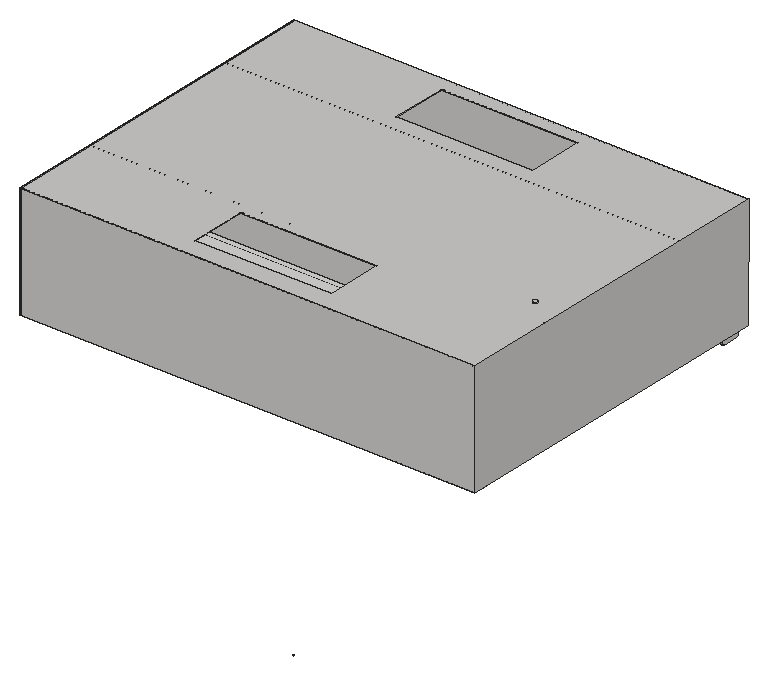
Revit family "QF_ELECTROLUXPROFESSIONAL_641259_STPF1520", category Attrezzature speciali, Revit 2021
Family settings
  Quota connettore circolare = Usa diametro
  Tipo di parte = Normale
  Basato su piano di lavoro = No
  Sempre verticale = Sì
  Taglio con vuoti quando caricato = No
  Condiviso = No
  Punto di calcolo locali = No
Parameters (values of type "Standard")
  Weight = 136.00 kg
  Watts = 160 W
  Volts = 220 V
  URL Manufacturer = "https://www.electroluxprofessional.com/"
  URL = "https://www.electroluxprofessional.com/"
  Steam Supply Size = 0 mm
  Steam Supply Minimum Pressure = 0.0 Pa
  Steam Supply Maximum Pressure = 0.0 Pa
  Steam Consumption per Hour = 0
  Refrigeration Suction Line Size = 0 mm
  Refrigeration Liquid Line Size = 0 mm
  Refrigerant Compressor Remote = yes
  Prospetto di default = 0 mm
  Produttore = "Electrolux Professional"
  Phase = 1
  Modello = "STPF1520"
  Length Actual = 2000 mm  # constant formula
  Item Number = "641259"
  Hot Water Size = 0 mm
  Height Actual = 500 mm  # constant formula
  HP = "0.2 HP"
  Gas Size = 0 mm
  Gas KW = 0
  Gas Input Pressure = 0 W
  Direct Waste Size = 0 mm
  Descrizione = "304 S/S WALL HOOD+FILTERS+LAMPS 200X150"
  Depth Actual = 1500 mm  # constant formula
  Cycle = 50 Hz
  Condensate Return Size = 0 mm
  Compressed Air Volume = 0.0 L/s
  Compressed Air Size = 0 mm
  Compressed Air Pressure = 0.0 Pa
  Cold Water Size = 0 mm
  Accessory = yes
Reference planes
  plane 1: z = 0
  plane 2 "Center (Left/Right)": x = 150
  plane 3 "LEFT": x = -850
  plane 4 "RIGHT": x = 1150
  plane 5 "BACK": y = 550
  plane 6 "TOP": z = 2500
  plane 7 "Base": z = 2000
  plane 8: z = 1955
  plane 9 "DrainY": y = 490
  plane 10: x = -847
  plane 11 "DrainX": x = 1030
  plane 12 "AOLeft2": x = 450
  plane 13: x = 1147
  plane 14: x = -650
  plane 15: x = 950
  plane 16 "Center (Front/Back)": y = -100
  plane 17 "Front": y = -950
  plane 18 "AOLeft1": x = -150
  plane 19: y = -864
  plane 20: y = -614
  plane 21: y = 240
  plane 22: y = 490
  plane 23 "EI_y": y = -470
  plane 24 "EIx": x = 1030
Forms (mm)
  Extrusion 1, solid, material "QF_Finishes_Stainless Steel"
    sketch origin (-850, 0, 360) x (0, 1, 0) y (0, 0, 1)
      loop
        line (550, 1640) -> (550, 2140) -> (-950, 2140) -> (-950, 1640) -> (550, 1640)
    from 0 to 3
  Extrusion 2, solid, material "QF_Finishes_Stainless Steel"
    sketch origin (1150, 0, 360) x (0, 1, 0) y (0, 0, 1)
      loop
        line (550, 1640) -> (550, 2140) -> (-950, 2140) -> (-950, 1640) -> (550, 1640)
    from 0 to -3
  Extrusion 3, solid, material "QF_Finishes_Stainless Steel"
    sketch origin (150, 0, 360) x (0, 1, 0) y (0, 0, 1)
      loop
        line (-950, 2140) -> (-950, 1640) -> (-940, 1640) -> (-940, 1640.8) -> (-949.2, 1640.8) -> (-949.2, 2139.19) -> (549.2, 2139.19) -> (549.2, 1640.8) -> (540, 1640.8) -> (540, 1640) -> (550, 1640) -> (550, 2140) -> (-950, 2140)
    from -1000 to 1000
  Extrusion 4, solid, material "QF_Finishes_Stainless Steel"
    sketch origin (0, 0, 2000) x (0, 1, 0) y (-1, 0, 0)
      loop
        circle (490, -1030) r 4.763
    from -30 to 0
  Extrusion 5, void
    sketch origin (0, 0, 2500) x (0, 1, 0) y (-1, 0, 0)
      loop
        line (-614, -450) -> (-614, 150) -> (-864, 150) -> (-864, -450) -> (-614, -450)
    from 0 to -10
  Extrusion 6, solid, material "QF_Finishes_Stainless Steel"
    sketch origin (0, 0, 0) x (1, 0, 0) y (0, 1, 0)
      loop
        line (-850, 550) -> (-850, 549) -> (-849, 549) -> (-849, 550) -> (-850, 550)
    from 0 to 1
  Extrusion 7, solid, material "QF_LAMPS"
    sketch origin (150, 0, 360) x (0, 1, 0) y (0, 0, 1)
      loop
        line (-572.823, 1962.324) -> (-418.948, 2086.929) -> (-427.129, 2097.032) -> (-581.003, 1972.426) -> (-572.823, 1962.324)
    from 997 to -997
  Sweep 8, solid, material "QF_Finishes_Stainless Steel"
    path origin (0, 0, 0) x (1, 0, 0) y (0, 1, 0)
      loop
        line (1150, 550) -> (-850, 550) -> (-850, -950) -> (1150, -950) -> (1150, 550)
    profile origin (1150, -200, 0) x (1, 0, 0) y (0, 0, 1)
      loop
        line (-3, 2000) -> (-3, 2000.8) -> (-19, 2000.8) -> (-19, 2010) -> (-20, 2010) -> (-20, 2000) -> (-3, 2000)
  Extrusion 9, solid, material "QF_Finishes_Stainless Steel"
    sketch origin (150, 0, 0) x (0, 1, 0) y (0, 0, 1)
      loop
        line (414.66, 2095.469) -> (440.643, 2110.471) -> (261.744, 2411.771) -> (235.948, 2396.455) -> (414.66, 2095.469)
    from -997 to -800
  Extrusion 10, solid, material "QF_Finishes_Stainless Steel"
    sketch origin (1030, 0, 0) x (0, 1, 0) y (0, 0, 1)
      loop
        line (539, 2000) -> (441, 2000) -> (441, 1989) -> (448.5, 1989) -> (448.5, 1965)
        arc (448.5, 1965) -> (451.429, 1957.929) -> (458.5, 1955) r 10
        line (458.5, 1955) -> (521.5, 1955)
        arc (521.5, 1955) -> (528.571, 1957.929) -> (531.5, 1965) r 10
        line (531.5, 1965) -> (531.5, 1989) -> (539, 1989) -> (539, 2000)
    from 90 to -90
  Extrusion 11, solid, material "QF_Finishes_Stainless Steel"
    sketch origin (150, 0, 0) x (0, 1, 0) y (0, 0, 1)
      loop
        line (414.66, 2095.469) -> (440.643, 2110.471) -> (261.744, 2411.771) -> (235.948, 2396.455) -> (414.66, 2095.469)
    from 800 to 997
  Extrusion 12, solid, material "QF_Finished_Chrome"
    sketch origin (150, 0, 0) x (0, 1, 0) y (0, 0, 1)
      loop
        line (414.66, 2095.469) -> (440.643, 2110.471) -> (261.744, 2411.771) -> (235.948, 2396.455) -> (414.66, 2095.469)
    from -800 to 800
  Extrusion 13, void
    sketch origin (0, 1180, 2500) x (0, 1, 0) y (-1, 0, 0)
      loop
        line (-690, -450) -> (-690, 150) -> (-940, 150) -> (-940, -450) -> (-690, -450)
    from 0 to -10
  Extrusion 14, solid, material "QF_Finishes_Stainless Steel"
    sketch origin (0, 0, 2500) x (0, 1, 0) y (-1, 0, 0)
      loop
        circle (-470, -1030) r 10
    from 0 to 1.6
  Extrusion 15, solid, material "QF_Finishes_Stainless Steel"
    sketch origin (150, 0, 360) x (0, 1, 0) y (0, 0, 1)
      loop
        line (430.005, 1640) -> (540, 1640) -> (540, 1640.8) -> (430.467, 1640.8) -> (371.906, 1742.23) -> (414.858, 1734.657) -> (442.266, 1750.481) -> (442.266, 1765.943) -> (441.466, 1765.943) -> (441.466, 1750.943) -> (414.709, 1735.495) -> (321.153, 1751.991) -> (320.875, 1750.416) -> (371.4, 1741.507) -> (430.005, 1640)
      loop
        line (172.529, 2139.19) -> (242.893, 2017.316) -> (245.133, 2018.715) -> (240.13, 2027.381) -> (238.569, 2026.405) -> (173.453, 2139.19) -> (172.529, 2139.19)
    from -997 to 997
  Extrusion 16, solid, material "QF_Finishes_Stainless Steel"
    sketch origin (150, 200.8, 360) x (0, 1, 0) y (0, 0, 1)
      loop
        line (-1150, 2139.19) -> (-1150, 1640) -> (-1086.602, 1640) -> (-999.146, 1690.493) -> (-1010.058, 1709.394) -> (-1066.564, 1676.77) -> (-1114.704, 1680.982) -> (-1149.2, 1730.248) -> (-1149.2, 2139.19) -> (-1150, 2139.19)
      loop
        line (-773.6, 1961.694) -> (-781.937, 1971.99) -> (-769.095, 1982.182) -> (-769.095, 2139.19) -> (-769.895, 2139.19) -> (-769.895, 1982.569) -> (-1082.298, 1734.63) -> (-1071.091, 1720.79) -> (-773.6, 1961.694)
      loop
        line (-627.61, 2099.216) -> (-618.171, 2087.559) -> (-554.411, 2139.19) -> (-555.682, 2139.19) -> (-618.052, 2088.684) -> (-626.989, 2099.719) -> (-627.61, 2099.216)
    from -997 to 997
  Extrusion 17, solid, material "QF_Finishes_Stainless Steel"
    sketch origin (0, 0, 2500) x (0, 1, 0) y (-1, 0, 0)
      loop
        circle (-470, -1030) r 10
    from 0 to 1.6
Cuts and joins
  Extrusion 5, Extrusion 13 cuts Extrusion 3
  joined: Extrusion 2, Extrusion 3, Sweep 8
Lines and regions (mm)
  symbolic lines, style "SpecialityEquipment", detail levels coarse
    curve 1: line (1150, 550, 2500) -> (-850, 550, 2500)
    curve 2: line (-850, 550, 2500) -> (-850, -950, 2500)
    curve 3: line (1150, -950, 2500) -> (1150, 550, 2500)
    curve 4: line (-850, 550, 0) -> (1150, -950, 0)
    curve 5: line (1150, 550, 0) -> (-850, -950, 0)
    curve 6: line (-850, -950, 0) -> (1150, -950, 0)
  symbolic lines, detail levels coarse
    curve 7: line (-150, 240, 2500) -> (450, 240, 2500)
    curve 8: line (-150, 490, 2500) -> (-150, 240, 2500)
    curve 9: line (450, 490, 2500) -> (-150, 490, 2500)
    curve 10: line (450, 240, 2500) -> (450, 490, 2500)
    curve 11: line (-150, -614, 2500) -> (450, -614, 2500)
    curve 12: line (-150, -864, 2500) -> (-150, -614, 2500)
    curve 13: line (450, -864, 2500) -> (-150, -864, 2500)
    curve 14: line (450, -614, 2500) -> (450, -864, 2500)
Dimensions and locks
  plane 3 "LEFT" to plane 4 "RIGHT" = 2000 mm
  equal spacing: plane 3 "LEFT", plane 2 "Center (Left/Right)", plane 4 "RIGHT"
  plane 7 "Base" to plane 8 = 45 mm
  plane 5 "BACK" to plane 9 "DrainY" = 60 mm  (x2)
  plane 3 "LEFT" to plane 10 = 3 mm
  plane 11 "DrainX" to plane 4 "RIGHT" = 120 mm
  plane 13 to plane 4 "RIGHT" = 3 mm
  plane 3 "LEFT" to plane 14 = 200 mm
  plane 15 to plane 4 "RIGHT" = 200 mm
  locked: plane 7 "Base" to level at 2000
  locked: plane 6 "TOP" to plane 7 "Base" at 500
  locked: plane 18 "AOLeft1" to plane 12 "AOLeft2" at 600
  locked: plane 20 to plane 19 at 250
  locked: plane 19 to plane 17 "Front" at 86
  locked: plane 22 to plane 21 at 250
  locked: plane 5 "BACK" to plane 22 at 60
  locked: plane 23 "EI_y" to plane 17 "Front" at 480
  locked: plane 24 "EIx" to plane 4 "RIGHT" at 120
  locked: plane 5 "BACK" to plane 17 "Front" at 1500
  plane 5 "BACK" to plane 17 "Front" = 1500 mm
  equal spacing: plane 18 "AOLeft1", plane 2 "Center (Left/Right)", plane 12 "AOLeft2"
  aligned and locked: level to plane 1
  aligned and locked: plane 4 "RIGHT" to Extrusion 3
  aligned and locked: Extrusion 3 to plane 3 "LEFT"
  aligned and locked: Extrusion 2 to plane 13
  aligned and locked: Extrusion 9 to plane 10
  aligned and locked: Extrusion 5 to plane 18 "AOLeft1"
  aligned and locked: Extrusion 5 to plane 12 "AOLeft2"
  aligned and locked: plane 14 to Extrusion 9
  aligned and locked: plane 15 to Extrusion 11
  aligned and locked: plane 13 to Extrusion 11
  aligned and locked: Extrusion 12 to plane 14
  aligned and locked: Extrusion 12 to plane 15
  aligned and locked: plane 13 to Extrusion 7
  aligned and locked: Extrusion 7 to plane 10
  aligned and locked: Extrusion 13 to plane 21
  aligned and locked: plane 22 to Extrusion 13
  aligned and locked: Extrusion 13 to plane 18 "AOLeft1"
  aligned and locked: Extrusion 13 to plane 12 "AOLeft2"
  aligned and locked: Extrusion 15 to plane 10
  aligned and locked: plane 13 to Extrusion 15
  aligned and locked: Extrusion 5 to plane 19
  aligned and locked: plane 20 to Extrusion 5
  aligned and locked: Extrusion 16 to plane 10
  aligned and locked: plane 13 to Extrusion 16
Automatic sketch dimensions
  curve 6 to plane 3 "LEFT" = 0 mm
  curve 4 to plane 3 "LEFT" = 0 mm
  curve 5 to plane 4 "RIGHT" = 0 mm
  curve 6 to plane 4 "RIGHT" = 0 mm
  curve 4 to plane 17 "Front" = 0 mm
  curve 5 to plane 5 "BACK" = 0 mm
  curve 4 to plane 5 "BACK" = 0 mm
  Extrusion 1 sketch curve to plane 7 "Base" = 0 mm
  Extrusion 1 sketch curve to plane 17 "Front" = 0 mm
  Extrusion 1 sketch curve to plane 5 "BACK" = 0 mm
  Extrusion 1 sketch curve to plane 6 "TOP" = 0 mm
  Extrusion 2 sketch curve to plane 7 "Base" = 0 mm
  Extrusion 2 sketch curve to plane 17 "Front" = 0 mm
  Extrusion 2 sketch curve to plane 5 "BACK" = 0 mm
  Extrusion 2 sketch curve to plane 6 "TOP" = 0 mm
  Extrusion 3 sketch curve to plane 6 "TOP" = 0 mm
  Extrusion 3 sketch curve to plane 17 "Front" = 0 mm
  Extrusion 3 sketch curve to plane 7 "Base" = 0 mm  (x2)
  Extrusion 3 sketch curve to plane 5 "BACK" = 0 mm
  plane 17 "Front" to Extrusion 3 sketch curve = 0.8 mm
  Extrusion 3 sketch curve to Extrusion 3 sketch curve = 9.2 mm
  plane 7 "Base" to Extrusion 3 sketch curve = 0.8 mm  (x2)
  Extrusion 3 sketch curve to plane 5 "BACK" = 10 mm
  Extrusion 3 sketch curve to plane 5 "BACK" = 0.8 mm
  Extrusion 3 sketch curve to plane 6 "TOP" = 0.81 mm
  Extrusion 4 sketch curve to plane 9 "DrainY" = 0 mm
  Extrusion 4 sketch curve to plane 11 "DrainX" = 0 mm
  Extrusion 5 sketch curve to plane 12 "AOLeft2" = 0 mm
  Extrusion 5 sketch curve to plane 19 = 0 mm
  Extrusion 5 sketch curve to plane 20 = 0 mm
  Extrusion 5 sketch curve to plane 18 "AOLeft1" = 0 mm
  Extrusion 6 sketch curve to plane 3 "LEFT" = 0 mm
  Extrusion 6 sketch curve to plane 5 "BACK" = 0 mm
  plane 3 "LEFT" to Extrusion 6 sketch curve = 1 mm
  Extrusion 6 sketch curve to Extrusion 6 sketch curve = 1 mm
  plane 20 to Extrusion 7 sketch curve = 32.997 mm
  Extrusion 7 sketch curve to Extrusion 7 sketch curve = 8.181 mm  (x2)
  plane 23 "EI_y" to Extrusion 7 sketch curve = 42.871 mm
  Extrusion 7 sketch curve to plane 6 "TOP" = 177.676 mm
  Extrusion 7 sketch curve to Extrusion 7 sketch curve = 10.102 mm
  Extrusion 7 sketch curve to plane 6 "TOP" = 53.071 mm
  Extrusion 7 sketch curve to Extrusion 7 sketch curve = 10.103 mm
  Sweep 8 sketch curve to plane 3 "LEFT" = 0 mm
  Sweep 8 sketch curve to plane 4 "RIGHT" = 0 mm
  Sweep 8 sketch curve to plane 17 "Front" = 0 mm
  Sweep 8 sketch curve to plane 5 "BACK" = 0 mm
  profile plane to Sweep 8 sketch curve = 20 mm
  Sweep 8 sketch curve to Sweep 8 sketch curve = 1 mm
  profile plane to Sweep 8 sketch curve = 3 mm
  level to Sweep 8 sketch curve = 2000 mm
  Sweep 8 sketch curve to Sweep 8 sketch curve = 0.8 mm
  Sweep 8 sketch curve to Sweep 8 sketch curve = 9.2 mm
  Extrusion 9 sketch curve to plane 21 = 4.052 mm
  plane 21 to Extrusion 9 sketch curve = 21.744 mm
  Extrusion 9 sketch curve to plane 9 "DrainY" = 75.34 mm
  Extrusion 9 sketch curve to Extrusion 9 sketch curve = 25.983 mm
  plane 7 "Base" to Extrusion 9 sketch curve = 95.469 mm
  Extrusion 9 sketch curve to Extrusion 9 sketch curve = 15.001 mm
  Extrusion 9 sketch curve to plane 6 "TOP" = 103.545 mm
  Extrusion 9 sketch curve to Extrusion 9 sketch curve = 15.316 mm
  Extrusion 10 sketch curve to plane 8 = 0 mm
  Extrusion 10 sketch curve to plane 7 "Base" = 11 mm  (x2)
  Extrusion 10 sketch curve to plane 9 "DrainY" = 49 mm
  Extrusion 10 sketch curve to Extrusion 10 sketch curve = 7.5 mm  (x2)
  Extrusion 10 sketch curve to Extrusion 10 sketch curve = 10 mm
  Extrusion 10 sketch curve to plane 5 "BACK" = 28.5 mm
  Extrusion 10 sketch curve to plane 5 "BACK" = 18.5 mm
  plane 7 "Base" to Extrusion 10 sketch curve = 0 mm
  Extrusion 11 sketch curve to plane 21 = 4.052 mm
  plane 21 to Extrusion 11 sketch curve = 21.744 mm
  Extrusion 11 sketch curve to plane 9 "DrainY" = 75.34 mm
  Extrusion 11 sketch curve to Extrusion 11 sketch curve = 25.983 mm
  plane 7 "Base" to Extrusion 11 sketch curve = 95.469 mm
  Extrusion 11 sketch curve to Extrusion 11 sketch curve = 15.001 mm
  Extrusion 11 sketch curve to plane 6 "TOP" = 103.545 mm
  Extrusion 11 sketch curve to Extrusion 11 sketch curve = 15.316 mm
  Extrusion 12 sketch curve to plane 21 = 4.052 mm
  plane 21 to Extrusion 12 sketch curve = 21.744 mm
  Extrusion 12 sketch curve to plane 9 "DrainY" = 75.34 mm
  Extrusion 12 sketch curve to Extrusion 12 sketch curve = 25.983 mm
  plane 7 "Base" to Extrusion 12 sketch curve = 95.469 mm
  Extrusion 12 sketch curve to Extrusion 12 sketch curve = 15.001 mm
  Extrusion 12 sketch curve to plane 6 "TOP" = 103.545 mm
  Extrusion 12 sketch curve to Extrusion 12 sketch curve = 15.316 mm
  Extrusion 13 sketch curve to plane 12 "AOLeft2" = 0 mm
  Extrusion 13 sketch curve to plane 21 = 0 mm
  Extrusion 13 sketch curve to plane 9 "DrainY" = 0 mm
  Extrusion 13 sketch curve to plane 18 "AOLeft1" = 0 mm
  Extrusion 14 sketch curve to plane 23 "EI_y" = 0 mm
  Extrusion 14 sketch curve to plane 24 "EIx" = 0 mm
  Extrusion 15 sketch curve to plane 7 "Base" = 0 mm
  Extrusion 15 sketch curve to plane 6 "TOP" = 0.81 mm
  Extrusion 15 sketch curve to plane 21 = 67.471 mm
  Extrusion 15 sketch curve to Extrusion 15 sketch curve = 0.924 mm
  Extrusion 15 sketch curve to plane 21 = 1.431 mm
  plane 21 to Extrusion 15 sketch curve = 0.13 mm
  plane 21 to Extrusion 15 sketch curve = 2.893 mm
  Extrusion 15 sketch curve to Extrusion 15 sketch curve = 2.24 mm
  plane 21 to Extrusion 15 sketch curve = 80.875 mm
  Extrusion 15 sketch curve to Extrusion 15 sketch curve = 0.278 mm
  Extrusion 15 sketch curve to Extrusion 15 sketch curve = 50.525 mm
  Extrusion 15 sketch curve to Extrusion 15 sketch curve = 0.506 mm
  Extrusion 15 sketch curve to Extrusion 15 sketch curve = 42.803 mm
  Extrusion 15 sketch curve to Extrusion 15 sketch curve = 0.148 mm
  Extrusion 15 sketch curve to plane 9 "DrainY" = 59.995 mm
  plane 7 "Base" to Extrusion 15 sketch curve = 0.8 mm
  Extrusion 15 sketch curve to Extrusion 15 sketch curve = 0.462 mm  (x2)
  Extrusion 15 sketch curve to Extrusion 15 sketch curve = 109.533 mm
  Extrusion 15 sketch curve to Extrusion 15 sketch curve = 26.757 mm
  Extrusion 15 sketch curve to Extrusion 15 sketch curve = 0.8 mm
  plane 7 "Base" to Extrusion 15 sketch curve = 94.657 mm
  Extrusion 15 sketch curve to Extrusion 15 sketch curve = 0.838 mm
  Extrusion 15 sketch curve to Extrusion 15 sketch curve = 6.012 mm
  Extrusion 15 sketch curve to Extrusion 15 sketch curve = 0.723 mm
  Extrusion 15 sketch curve to Extrusion 15 sketch curve = 14.986 mm
  Extrusion 15 sketch curve to Extrusion 15 sketch curve = 15 mm
  Extrusion 15 sketch curve to plane 6 "TOP" = 122.684 mm
  Extrusion 15 sketch curve to Extrusion 15 sketch curve = 1.399 mm
  Extrusion 15 sketch curve to Extrusion 15 sketch curve = 9.089 mm
  Extrusion 15 sketch curve to Extrusion 15 sketch curve = 0.975 mm
  Extrusion 16 sketch curve to plane 7 "Base" = 0 mm
  plane 17 "Front" to Extrusion 16 sketch curve = 0.8 mm
  Extrusion 16 sketch curve to Extrusion 16 sketch curve = 0.8 mm  (x2)
  plane 17 "Front" to Extrusion 16 sketch curve = 36.096 mm
  Extrusion 16 sketch curve to plane 19 = 21.802 mm
  Extrusion 16 sketch curve to plane 19 = 17.498 mm
  Extrusion 16 sketch curve to plane 19 = 6.291 mm
  Extrusion 16 sketch curve to plane 19 = 1.764 mm
  plane 19 to Extrusion 16 sketch curve = 54.742 mm
  Extrusion 16 sketch curve to Extrusion 16 sketch curve = 10.912 mm
  plane 20 to Extrusion 16 sketch curve = 32.863 mm
  Extrusion 16 sketch curve to Extrusion 16 sketch curve = 8.337 mm
  Extrusion 16 sketch curve to Extrusion 16 sketch curve = 12.042 mm
  plane 23 "EI_y" to Extrusion 16 sketch curve = 43.19 mm
  Extrusion 16 sketch curve to Extrusion 16 sketch curve = 0.622 mm
  Extrusion 16 sketch curve to Extrusion 16 sketch curve = 9.44 mm
  Extrusion 16 sketch curve to Extrusion 16 sketch curve = 0.118 mm
  Extrusion 16 sketch curve to plane 6 "TOP" = 0.81 mm  (x3)
  Extrusion 16 sketch curve to Extrusion 16 sketch curve = 62.37 mm
  Extrusion 16 sketch curve to Extrusion 16 sketch curve = 1.271 mm
  plane 7 "Base" to Extrusion 16 sketch curve = 36.77 mm
  plane 7 "Base" to Extrusion 16 sketch curve = 40.982 mm
  plane 7 "Base" to Extrusion 16 sketch curve = 50.493 mm
  Extrusion 16 sketch curve to Extrusion 16 sketch curve = 18.901 mm
  Extrusion 16 sketch curve to Extrusion 16 sketch curve = 44.02 mm
  Extrusion 16 sketch curve to Extrusion 16 sketch curve = 49.266 mm
  Extrusion 16 sketch curve to Extrusion 16 sketch curve = 13.84 mm
  Extrusion 16 sketch curve to plane 6 "TOP" = 178.306 mm
  Extrusion 16 sketch curve to Extrusion 16 sketch curve = 10.296 mm
  Extrusion 16 sketch curve to Extrusion 16 sketch curve = 10.192 mm
  Extrusion 16 sketch curve to Extrusion 16 sketch curve = 0.386 mm
  Extrusion 16 sketch curve to plane 6 "TOP" = 52.441 mm
  Extrusion 16 sketch curve to Extrusion 16 sketch curve = 1.125 mm
  Extrusion 17 sketch curve to plane 23 "EI_y" = 0 mm
  Extrusion 17 sketch curve to plane 24 "EIx" = 0 mm
  curve 2 to plane 3 "LEFT" = 0 mm
  curve 2 to plane 17 "Front" = 0 mm
  curve 3 to plane 4 "RIGHT" = 0 mm
  curve 3 to plane 17 "Front" = 0 mm
  curve 13 to plane 18 "AOLeft1" = 0 mm
  curve 13 to plane 19 = 0 mm
  curve 14 to plane 12 "AOLeft2" = 0 mm
  curve 14 to plane 20 = 0 mm
  curve 7 to plane 18 "AOLeft1" = 0 mm
  curve 7 to plane 21 = 0 mm
  curve 8 to plane 9 "DrainY" = 0 mm
  curve 2 to plane 5 "BACK" = 0 mm
  curve 10 to plane 12 "AOLeft2" = 0 mm
  radius of Extrusion 4 sketch curve = 4.763 mm
  radius of Extrusion 14 sketch curve = 10 mm
  radius of Extrusion 17 sketch curve = 10 mm
Connectors
  piping at (1030, 490, 1970), diameter 9.5
    settings: on Extrusion 4, index 1, connector inside diameter 609.6 mm, connector length 0 mm, flow factor 0, pipe flow 0.0 L/s, pressure drop 0.0 Pa, fitting loss kfactor 0, connector angle 0.00°, fixture units 0, engagement length 0 mm, angle of deflection 0.00°, flow configuration 1, flow direction 2, fitting loss method 0, system type 16, joint type 0, gender type 0, connector reference index -1, connector utility 0, adjustable connector no, is connector primary yes, connector description "Drain"
  hvac at (150, -739, 2500)
    settings: on Extrusion 5, index 2, duct flow 0.0 L/s, flow factor 0, pres drop 0.0 Pa, loss coef 0, conn angle 0.00°, conn width 250 mm, conn height 600 mm, conn diameter 609.6 mm, duct sys type 1, conn prof type 1, flow config 1, flow direction 1, loss method 0, conn ref index -1, conn util no, is conn primary yes, conn desc "AIR INLET"
  hvac at (150, 365, 2500)
    settings: on Extrusion 13, index 4, duct flow 0.0 L/s, flow factor 0, pres drop 0.0 Pa, loss coef 0, conn angle 0.00°, conn width 250 mm, conn height 600 mm, conn diameter 609.6 mm, duct sys type 3, conn prof type 1, flow config 1, flow direction 2, loss method 0, conn ref index -1, conn util no, is conn primary no, conn desc "EXHAUST OUTLET"
  electrical at (1030, -470, 2501.6), driven by "Volts"
    settings: on Extrusion 14, index 6, voltage 220 V, apparent load 0 VA, apparent load phase1 0 VA, apparent load phase2 0 VA, apparent load phase3 0 VA, power factor 1, load classification "Other", number of poles 1, system type 30, power factor state 1, is connector primary yes, connector utility no, sub classification motor no, connector description "Electrical Connection"
  electrical at (1030, -470, 2501.6)
    settings: on Extrusion 17, index 12, voltage 0 V, apparent load 0 VA, apparent load phase1 0 VA, apparent load phase2 0 VA, apparent load phase3 0 VA, power factor 1, load classification "Other", number of poles 1, system type 30, power factor state 1, is connector primary no, connector utility no, sub classification motor no, connector description ""
